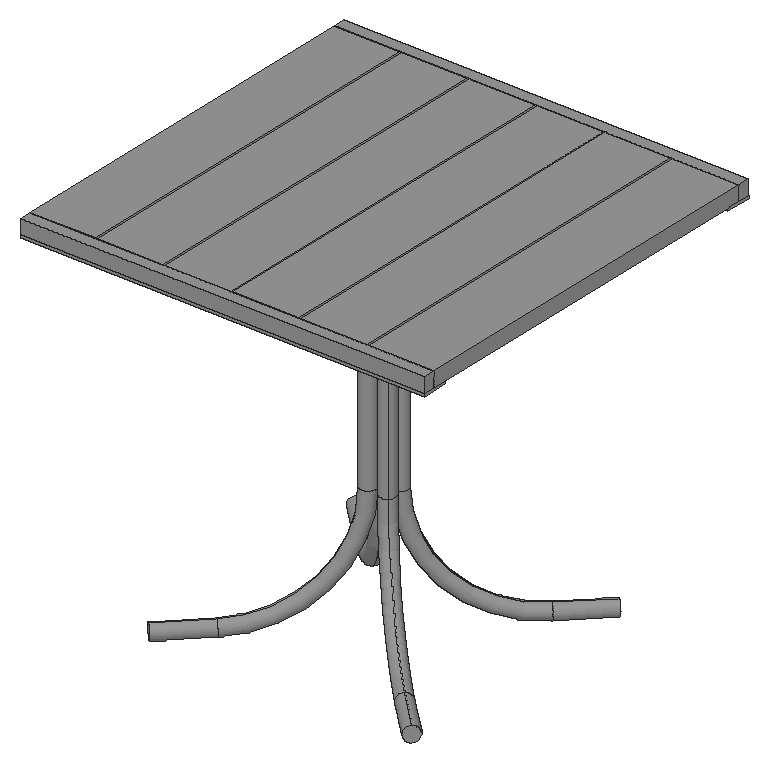
Revit family "10265 Стол садовый «Петергоф 80» Хоббика", category Антураж, Revit 2018
Family settings
  На основе рабочей плоскости = Нет
  Всегда вертикально = Да
  При загрузке вырезать с полостями = Нет
  Источник визуального образа = Геометрия семейства
  Общий = Нет
  Точка расчета площади = Нет
Parameters (values of type "Стол садовый «Петергоф 80»")
  Ширина = 800 mm  # constant formula
  Цвет отделки = Дерево
  Цвет основания = Сталь
  Описание = "Стол садовый «Петергоф 80»"  # constant formula
  Материал изделия = "Сталь, дерево"  # constant formula
  Изображение типоразмера = Стол садовый «Петергоф 80» Арт 10265.jpg
  Изготовитель = "ООО «Хоббика»"  # constant formula
  Длина = 800 mm  # constant formula
  Группа модели = "Садовые столы"  # constant formula
  Высота = 760 mm  # constant formula
  Артикул товара = "Арт. 10265"  # constant formula
  URL = "https://hobbyka.ru/product/stol_sadovyy_petergof80"
Reference planes
  plane 1 "По центру (Вперед/Назад)": y = 0
  plane 2: z = 0
  plane 3 "По центру (Влево/Вправо)": x = 0
  plane 4: y = 800
  plane 5: x = 800
  plane 6: z = 760
Forms (mm)
  Sweep 1, solid, material "Сталь" <- "Цвет основания"
    path origin (689.185, 73.701, 0) x (-0.707107, 0.707107, 0) y (0, 0, 1)
      loop
        line (800, 725) -> (695, 725)
        arc (695, 725) -> (518.223, 651.777) -> (445, 475) r 250
        line (445, 475) -> (445, 250)
        arc (445, 250) -> (518.223, 73.223) -> (695, 0) r 250
        line (695, 0) -> (800, 0)
    profile origin (123.5, 639.387, 725) x (0, 0, -1) y (0.707107, 0.707107, 0)
      loop
        circle (15, 23.335) r 15
  Sweep 2, solid, material "Сталь" <- "Цвет основания"
    path origin (689.185, 725.52, 0) x (-0.707107, -0.707107, 0) y (0, 0, -1)
      loop
        line (800, -725) -> (695, -725)
        arc (695, -725) -> (518.223, -651.777) -> (445, -475) r 250
        line (445, -475) -> (445, -250)
        arc (445, -250) -> (518.223, -73.223) -> (695, 0) r 250
        line (695, 0) -> (800, 0)
    profile origin (123.5, 159.835, 725) x (0, 0, 1) y (0.707107, -0.707107, 0)
      loop
        circle (-15, 23.335) r 15
  Extrusion 3, solid, material "Сталь" <- "Цвет основания"
    sketch origin (0, 0, 0) x (1, 0, 0) y (0, 1, 0)
      loop
        line (0, 800) -> (0, 750) -> (115, 750) -> (115, 50) -> (0, 50) -> (0, 0) -> (800, 0) -> (800, 50) -> (685, 50) -> (685, 750) -> (800, 750) -> (800, 800) -> (0, 800)
      loop
        line (165, 750) -> (165, 50) -> (200, 50) -> (635, 50) -> (635, 750) -> (540, 750) -> (165, 750)
    from 725 to 730
  Extrusion 4, solid, material "Сталь" <- "Цвет основания"
    sketch origin (0, 0, 0) x (0, 1, 0) y (0, 0, 1)
      loop
        line (776.665, 730) -> (800, 730) -> (800, 760) -> (776.665, 760) -> (776.665, 730)
      loop
        line (0, 730) -> (23.335, 730) -> (23.335, 760) -> (0, 760) -> (0, 730)
    from 0 to 800
  Extrusion 5, solid, material "Дерево" <- "Цвет отделки"
    sketch origin (5, 0, 0) x (1, 0, 0) y (0, 0, 1)
      loop
        line (-5, 760) -> (-5, 730) -> (125, 730) -> (125, 760) -> (-5, 760)
    from -23.335 to -776.665
  Extrusion 6, solid, material "Дерево" <- "Цвет отделки"
    sketch origin (675, 0, 0) x (1, 0, 0) y (0, 0, 1)
      loop
        line (-5, 760) -> (-5, 730) -> (125, 730) -> (125, 760) -> (-5, 760)
    from -23.335 to -776.665
  Extrusion 7, solid, material "Дерево" <- "Цвет отделки"
    sketch origin (139, 0, 0) x (1, 0, 0) y (0, 0, 1)
      loop
        line (-5, 760) -> (-5, 730) -> (125, 730) -> (125, 760) -> (-5, 760)
    from -23.335 to -776.665
  Extrusion 8, solid, material "Дерево" <- "Цвет отделки"
    sketch origin (273, 0, 0) x (1, 0, 0) y (0, 0, 1)
      loop
        line (-5, 760) -> (-5, 730) -> (125, 730) -> (125, 760) -> (-5, 760)
    from -23.335 to -776.665
  Extrusion 9, solid, material "Дерево" <- "Цвет отделки"
    sketch origin (407, 0, 0) x (1, 0, 0) y (0, 0, 1)
      loop
        line (-5, 760) -> (-5, 730) -> (125, 730) -> (125, 760) -> (-5, 760)
    from -23.335 to -776.665
  Extrusion 10, solid, material "Дерево" <- "Цвет отделки"
    sketch origin (541, 0, 0) x (1, 0, 0) y (0, 0, 1)
      loop
        line (-5, 760) -> (-5, 730) -> (125, 730) -> (125, 760) -> (-5, 760)
    from -23.335 to -776.665
  Sweep 11, solid, material "Сталь" <- "Цвет основания"
    path origin (110.815, 73.701, 0) x (0.707107, 0.707107, 0) y (0, 0, -1)
      loop
        line (800, -725) -> (695, -725)
        arc (695, -725) -> (518.223, -651.777) -> (445, -475) r 250
        line (445, -475) -> (445, -250)
        arc (445, -250) -> (518.223, -73.223) -> (695, 0) r 250
        line (695, 0) -> (800, 0)
    profile origin (676.5, 639.387, 725) x (0, 0, 1) y (-0.707107, 0.707107, 0)
      loop
        circle (-15, 23.335) r 15
  Sweep 12, solid, material "Сталь" <- "Цвет основания"
    path origin (110.815, 725.52, 0) x (0.707107, -0.707107, 0) y (0, 0, 1)
      loop
        line (800, 725) -> (695, 725)
        arc (695, 725) -> (518.223, 651.777) -> (445, 475) r 250
        line (445, 475) -> (445, 250)
        arc (445, 250) -> (518.223, 73.223) -> (695, 0) r 250
        line (695, 0) -> (800, 0)
    profile origin (676.5, 159.835, 725) x (0, 0, -1) y (-0.707107, -0.707107, 0)
      loop
        circle (15, 23.335) r 15
Dimensions and locks
  "Длина": plane 3 "По центру (Влево/Вправо)" to plane 5
  "Ширина": plane 4 to plane 1 "По центру (Вперед/Назад)"
  "Высота": plane 6 to plane 2
  equal spacing: group 1, group 3, group 4, group 5, group 6, group 2  (x3)
  aligned and locked: level to plane 2
Automatic sketch dimensions
  Extrusion 5 sketch curve to Extrusion 5 sketch curve = 130 mm
  Extrusion 5 sketch curve to Extrusion 5 sketch curve = 30 mm
  Extrusion 6 sketch curve to Extrusion 6 sketch curve = 130 mm
  Extrusion 6 sketch curve to Extrusion 6 sketch curve = 30 mm
  Extrusion 7 sketch curve to Extrusion 7 sketch curve = 130 mm
  Extrusion 7 sketch curve to Extrusion 7 sketch curve = 30 mm
  Extrusion 8 sketch curve to Extrusion 8 sketch curve = 130 mm
  Extrusion 8 sketch curve to Extrusion 8 sketch curve = 30 mm
  Extrusion 9 sketch curve to Extrusion 9 sketch curve = 130 mm
  Extrusion 9 sketch curve to Extrusion 9 sketch curve = 30 mm
  Extrusion 10 sketch curve to Extrusion 10 sketch curve = 130 mm
  Extrusion 10 sketch curve to Extrusion 10 sketch curve = 30 mm
  level to Sweep 1 sketch curve = 0 mm
  Sweep 1 sketch curve to plane 6 = 285 mm
  Sweep 1 sketch curve to Sweep 1 sketch curve = 250 mm  (x2)
  Sweep 1 sketch curve to Sweep 1 sketch curve = 105 mm  (x2)
  Sweep 1 sketch curve to profile plane = 15 mm
  profile plane to Sweep 1 sketch curve = 23.335 mm
  Sweep 2 sketch curve to level = 0 mm
  Sweep 2 sketch curve to plane 6 = 285 mm
  Sweep 2 sketch curve to Sweep 2 sketch curve = 250 mm  (x2)
  Sweep 2 sketch curve to Sweep 2 sketch curve = 105 mm  (x2)
  profile plane to Sweep 2 sketch curve = 15 mm
  profile plane to Sweep 2 sketch curve = 23.335 mm
  Extrusion 4 sketch curve to plane 1 "По центру (Вперед/Назад)" = 0 mm
  Extrusion 4 sketch curve to plane 6 = 0 mm  (x2)
  Extrusion 4 sketch curve to plane 4 = 0 mm
  Extrusion 4 sketch curve to plane 1 "По центру (Вперед/Назад)" = 23.335 mm
  Extrusion 4 sketch curve to plane 4 = 23.335 mm
  Extrusion 4 sketch curve to plane 6 = 30 mm
  Extrusion 4 sketch curve to Extrusion 4 sketch curve = 30 mm
  level to Sweep 11 sketch curve = 0 mm
  Sweep 11 sketch curve to plane 6 = 285 mm
  Sweep 11 sketch curve to Sweep 11 sketch curve = 250 mm  (x2)
  Sweep 11 sketch curve to Sweep 11 sketch curve = 105 mm  (x2)
  profile plane to Sweep 11 sketch curve = 15 mm
  profile plane to Sweep 11 sketch curve = 23.335 mm
  Sweep 12 sketch curve to level = 0 mm
  Sweep 12 sketch curve to plane 6 = 285 mm
  Sweep 12 sketch curve to Sweep 12 sketch curve = 250 mm  (x2)
  Sweep 12 sketch curve to Sweep 12 sketch curve = 105 mm  (x2)
  Sweep 12 sketch curve to profile plane = 15 mm
  profile plane to Sweep 12 sketch curve = 23.335 mm
  Extrusion 3 sketch curve to plane 3 "По центру (Влево/Вправо)" = 0 mm  (x2)
  plane 1 "По центру (Вперед/Назад)" to Extrusion 3 sketch curve = 0 mm
  Extrusion 3 sketch curve to plane 5 = 0 mm  (x2)
  Extrusion 3 sketch curve to plane 4 = 0 mm
  plane 3 "По центру (Влево/Вправо)" to Extrusion 3 sketch curve = 115 mm
  Extrusion 3 sketch curve to Extrusion 3 sketch curve = 50 mm  (x2)
  Extrusion 3 sketch curve to Extrusion 3 sketch curve = 35 mm
  Extrusion 3 sketch curve to plane 4 = 50 mm  (x3)
  Extrusion 3 sketch curve to Extrusion 3 sketch curve = 260 mm
  Extrusion 3 sketch curve to plane 1 "По центру (Вперед/Назад)" = 50 mm  (x3)
  Extrusion 3 sketch curve to plane 5 = 165 mm
  radius of Sweep 1 sketch curve = 15 mm
  radius of Sweep 2 sketch curve = 15 mm
  radius of Sweep 11 sketch curve = 15 mm
  radius of Sweep 12 sketch curve = 15 mm
